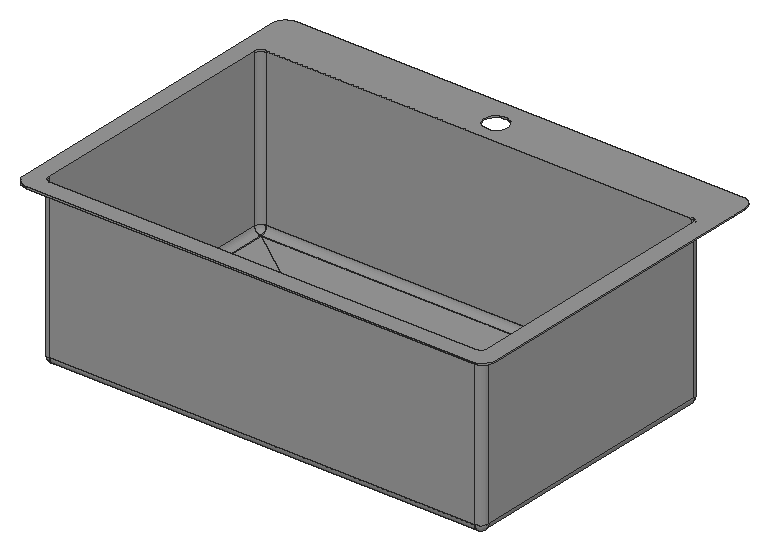
Revit family "BUILDMAT-TLAN005-Noah-700-Tap-Landing-Stainless-Steel", category Plumbing Fixtures, host Face, Revit 2020
Family settings
  Host = Face
  Round Connector Dimension = Use Diameter
  Part Type = Normal
  Cut with Voids When Loaded = No
  Shared = No
  Room Calculation Point = No
Parameters (values of type "Noah 700x500x250mm")
  Width = 650.0 mm
  Undermount [instance] = 0.0 mm
  URL = "https://www.buildmat.com.au/products/noah-700-single-bowl-tap-landing-sink"
  Model = "TLAN005"  # constant formula
  Manufacturer URL = "https://www.buildmat.com.au/"
  Manufacturer = "BUILDMAT"  # constant formula
  Length = 400.0 mm
  Description = "BUILDMAT - Noah 700x500 Large Single Bowl with Tap Landing Sink"  # constant formula
  Depth = 250.0 mm
  Default Elevation = 1219.2 mm
  Created By URL = "https://www.buildmat.com.au/"
  Created By = "BUILDMAT"  # constant formula
  Created = "22.06.2022"  # constant formula
  Material = BUILDMAT Stainless Steel
Reference planes
  plane 1 "Center (Front/Back)": y = 0
  plane 2: z = 0
  plane 3 "Center (Left/Right)": x = 0
  plane 4 "Top Substrate": z = 0
  plane 5 "Left": x = -325
  plane 6 "Right": x = 325
  plane 7 "Back": y = 200
  plane 8 "Front": y = -200
  plane 9: x = -350
  plane 10: x = 350
  plane 11: y = -225
  plane 12: y = 275
  plane 13 "Bottom Void": z = -250
  plane 14: z = 1.5
  plane 15: x = -326.5
  plane 16: y = -201.5
  plane 17: x = 326.5
  plane 18: y = 201.5
  plane 19: z = -240
  plane 20: z = -230
  plane 21: x = -315
  plane 22: x = 315
  plane 23: y = -190
  plane 24: y = 190
  plane 25: z = -245
  plane 26: z = -241.5
  plane 27: z = -246.5
  plane 28: x = -100
  plane 29: x = 100
  plane 30 "Sound Pad": z = -130
  plane 31 "Front Bracket": y = -100
  plane 32 "Back Bracket": y = 100
  plane 33: x = -225
  plane 34: x = 225
  plane 35: x = -57
  plane 36: x = 57
  plane 37: x = -45
  plane 38: x = 45
  plane 39: y = 232
  plane 40: y = 251.5
  plane 41: x = -338.2
  plane 42: z = -15
  plane 43: x = 338.2
  plane 44: x = -336.7
  plane 45: x = 336.7
Forms (mm)
  Extrusion 1, void
    sketch origin (0, 0, 0) x (1, 0, 0) y (0, 1, 0)
      loop
        arc (-315, 200) -> (-322.071, 197.071) -> (-325, 190) r 10
        line (-325, 190) -> (-325, -190)
        arc (-325, -190) -> (-322.071, -197.071) -> (-315, -200) r 10
        line (-315, -200) -> (315, -200)
        arc (315, -200) -> (322.071, -197.071) -> (325, -190) r 10
        line (325, -190) -> (325, 190)
        arc (325, 190) -> (322.071, 197.071) -> (315, 200) r 10
        line (315, 200) -> (-315, 200)
    from 0 to 1.5
  Extrusion 2, void
    sketch origin (0, 0, 0) x (1, 0, 0) y (0, 1, 0)
      loop
        line (-326.5, 201.5) -> (-326.5, -201.5) -> (326.5, -201.5) -> (326.5, 201.5) -> (-326.5, 201.5)
    from 0 to -250
  Extrusion 3, void
    sketch origin (0, 0, 0) x (1, 0, 0) y (0, 1, 0)
      loop
        arc (-330, 275) -> (-344.142, 269.142) -> (-350, 255) r 20
        line (-350, 255) -> (-350, -205)
        arc (-350, -205) -> (-344.142, -219.142) -> (-330, -225) r 20
        line (-330, -225) -> (330, -225)
        arc (330, -225) -> (344.142, -219.142) -> (350, -205) r 20
        line (350, -205) -> (350, 255)
        arc (350, 255) -> (344.142, 269.142) -> (330, 275) r 20
        line (330, 275) -> (-330, 275)
    from 1.5 to 0
  Extrusion 4, solid, material "BUILDMAT Stainless Steel" <- "Material"
    sketch origin (0, 0, 0) x (-1, 0, 0) y (0, -1, 0)
      loop
        arc (330, -275) -> (344.142, -269.142) -> (350, -255) r 20
        line (350, -255) -> (350, 205)
        arc (350, 205) -> (344.142, 219.142) -> (330, 225) r 20
        line (330, 225) -> (-330, 225)
        arc (-330, 225) -> (-344.142, 219.142) -> (-350, 205) r 20
        line (-350, 205) -> (-350, -255)
        arc (-350, -255) -> (-344.142, -269.142) -> (-330, -275) r 20
        line (-330, -275) -> (330, -275)
      loop
        arc (315, -200) -> (322.071, -197.071) -> (325, -190) r 10
        line (325, -190) -> (325, 190)
        arc (325, 190) -> (322.071, 197.071) -> (315, 200) r 10
        line (315, 200) -> (-315, 200)
        arc (-315, 200) -> (-322.071, 197.071) -> (-325, 190) r 10
        line (-325, 190) -> (-325, -190)
        arc (-325, -190) -> (-322.071, -197.071) -> (-315, -200) r 10
        line (-315, -200) -> (315, -200)
    from 0 to 1.5
  Extrusion 5, solid, material "BUILDMAT Stainless Steel" <- "Material"
    sketch origin (0, 0, 0) x (-1, 0, 0) y (0, -1, 0)
      loop
        arc (315, -201.5) -> (323.132, -198.132) -> (326.5, -190) r 11.5
        line (326.5, -190) -> (326.5, 190)
        arc (326.5, 190) -> (323.132, 198.132) -> (315, 201.5) r 11.5
        line (315, 201.5) -> (-315, 201.5)
        arc (-315, 201.5) -> (-323.132, 198.132) -> (-326.5, 190) r 11.5
        line (-326.5, 190) -> (-326.5, -190)
        arc (-326.5, -190) -> (-323.132, -198.132) -> (-315, -201.5) r 11.5
        line (-315, -201.5) -> (315, -201.5)
      loop
        arc (-315, 200) -> (-322.071, 197.071) -> (-325, 190) r 10
        line (-325, 190) -> (-325, -190)
        arc (-325, -190) -> (-322.071, -197.071) -> (-315, -200) r 10
        line (-315, -200) -> (315, -200)
        arc (315, -200) -> (322.071, -197.071) -> (325, -190) r 10
        line (325, -190) -> (325, 190)
        arc (325, 190) -> (322.071, 197.071) -> (315, 200) r 10
        line (315, 200) -> (-315, 200)
    from 0 to -230
  Revolve 6, solid, material "BUILDMAT Stainless Steel" <- "Material"
    sketch origin (-175.162, 190, 1219.2) x (-1, 0, 0) y (0, 0, 1)
      loop
        line (-500.162, -1449.2) -> (-501.662, -1449.2)
        arc (-501.662, -1449.2) -> (-498.293, -1457.332) -> (-490.162, -1460.7) r 11.5
        line (-490.162, -1460.7) -> (-490.162, -1459.2)
        arc (-490.162, -1459.2) -> (-497.233, -1456.271) -> (-500.162, -1449.2) r 10
      axis (-490.162, -1460.7) -> (-490.162, -1449.2)
    angle from 0 to -90
  Revolve 7, solid, material "BUILDMAT Stainless Steel" <- "Material"
    sketch origin (-175.162, 190, 1219.2) x (-1, 0, 0) y (0, 0, 1)
      loop
        arc (149.838, -1449.2) -> (146.909, -1456.271) -> (139.838, -1459.2) r 10
        line (139.838, -1459.2) -> (139.838, -1460.7)
        arc (139.838, -1460.7) -> (147.97, -1457.332) -> (151.338, -1449.2) r 11.5
        line (151.338, -1449.2) -> (149.838, -1449.2)
      axis (139.838, -1449.2) -> (139.838, -1460.7)
    angle from 0 to -90
  Revolve 8, solid, material "BUILDMAT Stainless Steel" <- "Material"
    sketch origin (-175.162, -190, 1219.2) x (-1, 0, 0) y (0, 0, 1)
      loop
        arc (149.838, -1449.2) -> (146.909, -1456.271) -> (139.838, -1459.2) r 10
        line (139.838, -1459.2) -> (139.838, -1460.7)
        arc (139.838, -1460.7) -> (147.97, -1457.332) -> (151.338, -1449.2) r 11.5
        line (151.338, -1449.2) -> (149.838, -1449.2)
      axis (139.838, -1449.2) -> (139.838, -1460.7)
    angle from 0 to 90
  Revolve 9, solid, material "BUILDMAT Stainless Steel" <- "Material"
    sketch origin (-175.162, -190, 1219.2) x (-1, 0, 0) y (0, 0, 1)
      loop
        line (-500.162, -1449.2) -> (-501.662, -1449.2)
        arc (-501.662, -1449.2) -> (-498.293, -1457.332) -> (-490.162, -1460.7) r 11.5
        line (-490.162, -1460.7) -> (-490.162, -1459.2)
        arc (-490.162, -1459.2) -> (-497.233, -1456.271) -> (-500.162, -1449.2) r 10
      axis (-490.162, -1449.2) -> (-490.162, -1460.7)
    angle from 0 to 90
  Extrusion 10, solid, material "BUILDMAT Stainless Steel" <- "Material"
    sketch origin (0, 0, 0) x (1, 0, 0) y (0, 0, 1)
      loop
        line (-325, -230) -> (-326.5, -230)
        arc (-326.5, -230) -> (-323.132, -238.132) -> (-315, -241.5) r 11.5
        line (-315, -241.5) -> (-315, -240)
        arc (-315, -240) -> (-322.071, -237.071) -> (-325, -230) r 10
    from -190 to 190
  Extrusion 11, solid, material "BUILDMAT Stainless Steel" <- "Material"
    sketch origin (0, 0, 0) x (1, 0, 0) y (0, 0, 1)
      loop
        arc (325, -230) -> (322.071, -237.071) -> (315, -240) r 10
        line (315, -240) -> (315, -241.5)
        arc (315, -241.5) -> (323.132, -238.132) -> (326.5, -230) r 11.5
        line (326.5, -230) -> (325, -230)
    from -190 to 190
  Extrusion 12, solid, material "BUILDMAT Stainless Steel" <- "Material"
    sketch origin (0, 0, 0) x (0, 1, 0) y (0, 0, 1)
      loop
        arc (200, -230) -> (197.071, -237.071) -> (190, -240) r 10
        line (190, -240) -> (190, -241.5)
        arc (190, -241.5) -> (198.132, -238.132) -> (201.5, -230) r 11.5
        line (201.5, -230) -> (200, -230)
    from -315 to 315
  Extrusion 13, solid, material "BUILDMAT Stainless Steel" <- "Material"
    sketch origin (0, 0, 0) x (0, 1, 0) y (0, 0, 1)
      loop
        line (-200, -230) -> (-201.5, -230)
        arc (-201.5, -230) -> (-198.132, -238.132) -> (-190, -241.5) r 11.5
        line (-190, -241.5) -> (-190, -240)
        arc (-190, -240) -> (-197.071, -237.071) -> (-200, -230) r 10
    from -315 to 315
  Revolve 14, solid, material "BUILDMAT Stainless Steel" <- "Material"
    sketch origin (0, 0, 0) x (1, 0, 0) y (0, 0, 1)
      loop
        line (-45, -250) -> (-45, -248.5)
        spline (-45, -248.5) -> (-46.484, -248.459) -> (-47.939, -248.339) -> (-49.337, -248.141) -> (-50.649, -247.871) -> (-51.848, -247.537) -> (-52.908, -247.151) -> (-53.805, -246.726) -> (-54.514, -246.283) -> (-55.023, -245.856) -> (-55.329, -245.483) -> (-55.468, -245.202) -> (-55.5, -245)
        line (-55.5, -245) -> (-57, -245)
        spline (-57, -245) -> (-56.897, -245.653) -> (-56.591, -246.294) -> (-56.087, -246.913) -> (-55.392, -247.5) -> (-54.52, -248.044) -> (-53.485, -248.536) -> (-52.305, -248.967) -> (-51, -249.33) -> (-49.592, -249.619) -> (-48.106, -249.83) -> (-46.566, -249.957) -> (-45, -250)
      axis (0, -245) -> (0, -250)
    angle from 0 to 360
  Blend 15, solid, material "BUILDMAT Stainless Steel" <- "Material"
    base sketch origin (0, 0, 0) x (-1, 0, 0) y (0, -1, 0)
      loop
        circle (0, 0) r 57
    top sketch origin (0, 0, 0) x (-1, 0, 0) y (0, -1, 0)
      loop
        line (315, -190) -> (315, 190) -> (-315, 190) -> (-315, -190) -> (315, -190)
    from -246.5 to -241.5
  Blend 16, void
    base sketch origin (0, 0, 0) x (-1, 0, 0) y (0, -1, 0)
      loop
        circle (0, 0) r 57
    top sketch origin (0, 0, 0) x (-1, 0, 0) y (0, -1, 0)
      loop
        line (315, -190) -> (315, 190) -> (-315, 190) -> (-315, -190) -> (315, -190)
    from -245 to -240
  Extrusion 17, solid, material "BUILDMAT Stainless Steel" <- "Material"
    sketch origin (0, 0, 0) x (-1, 0, 0) y (0, -1, 0)
      loop
        line (315, -190) -> (315, 190) -> (-315, 190) -> (-315, -190) -> (315, -190)
    from -241.5 to -240
  Extrusion 18, void
    sketch origin (0, 0, 0) x (-1, 0, 0) y (0, -1, 0)
      loop
        circle (0, 0) r 57
    from -250 to -230
  Extrusion 19, void
    sketch origin (0, 0, 0) x (-1, 0, 0) y (0, -1, 0)
      loop
        circle (0, -232) r 17.5
    from 0 to 100
Cuts and joins
  Extrusion 19 cuts Extrusion 4
  Extrusion 19 cuts Extrusion 5
  joined: Extrusion 4, Extrusion 5
  joined: Revolve 6, Revolve 9
  joined: Revolve 7, Revolve 8
  Blend 16, Extrusion 18 cuts Blend 15
  Blend 16, Extrusion 18 cuts Extrusion 17
  joined: Blend 15, Extrusion 17
Lines and regions (mm)
  Masking region 1
    outline origin (0, 0, 0) x (1, 0, 0) y (0, 0, 1)
      loop
        line (325, 0) -> (-325, 0) -> (-325, -230)
        arc (-325, -230) -> (-322.071, -237.071) -> (-315, -240) r 10
        line (-315, -240) -> (-57, -245) -> (57, -245) -> (315, -240)
        arc (315, -240) -> (322.071, -237.071) -> (325, -230) r 10
        line (325, -230) -> (325, 0)
  Masking region 2
    outline origin (0, 0, 0) x (1, 0, 0) y (0, 0, 1)
      loop
        line (-100, -245.667) -> (-100, -250) -> (-57, -250) -> (-57, -246.5) -> (-100, -245.667)
  Masking region 3
    outline origin (0, 0, 0) x (1, 0, 0) y (0, 0, 1)
      loop
        line (57, -246.5) -> (57, -250) -> (100, -250) -> (100, -245.667) -> (57, -246.5)
  Masking region 4
    outline origin (0, 0, 0) x (1, 0, 0) y (0, 0, 1)
      loop
        line (-338.2, 0) -> (-338.2, -15) -> (-336.7, -15) -> (-336.7, 0) -> (-338.2, 0)
  Masking region 5
    outline origin (0, 0, 0) x (1, 0, 0) y (0, 0, 1)
      loop
        line (336.7, 0) -> (336.7, -15) -> (338.2, -15) -> (338.2, 0) -> (336.7, 0)
Text (mm)
  text "Refer to www.buildmat.com.au for the most current product literature. \nAllow a +/- 5mm tolerance for dimensions shown in the product literature. \nPlease note product details are subject to change due to ongoing product development." at (0.056, -1035.857, 0), in view "Ref. Level"
Dimensions and locks
  "Undermount": plane 2 to plane 4 "Top Substrate"
  equal spacing: plane 5 "Left", plane 3 "Center (Left/Right)", plane 6 "Right"
  "Width": plane 5 "Left" to plane 6 "Right"
  "Length": plane 7 "Back" to plane 8 "Front"
  equal spacing: plane 7 "Back", plane 1 "Center (Front/Back)", plane 8 "Front"
  locked: plane 12 to plane 7 "Back" at 75
  locked: plane 8 "Front" to plane 11 at 25
  locked: plane 9 to plane 5 "Left" at 25
  locked: plane 6 "Right" to plane 10 at 25
  "Depth": plane 4 "Top Substrate" to plane 13 "Bottom Void"
  locked: plane 14 to plane 4 "Top Substrate" at 1.5
  locked: plane 18 to plane 7 "Back" at 1.5
  locked: plane 8 "Front" to plane 16 at 1.5
  plane 15 to plane 5 "Left" = 1.5 mm
  plane 6 "Right" to plane 17 = 1.5 mm
  plane 20 to plane 19 to plane 13 "Bottom Void" = 10.0 mm, 10.0 mm
  locked: plane 5 "Left" to plane 21 at 10
  locked: plane 22 to plane 6 "Right" at 10
  locked: plane 7 "Back" to plane 24 at 10
  locked: plane 23 to plane 8 "Front" at 10
  locked: plane 19 to plane 26 at 1.5
  locked: plane 25 to plane 13 "Bottom Void" at 5
  locked: plane 25 to plane 27 at 1.5
  plane 29 to plane 3 "Center (Left/Right)" to plane 28 = 100.0 mm locked, 100.0 mm locked
  locked: plane 30 "Sound Pad" to plane 13 "Bottom Void" at 120
  locked: plane 7 "Back" to plane 32 "Back Bracket" at 100
  locked: plane 31 "Front Bracket" to plane 8 "Front" at 100
  locked: plane 33 to plane 5 "Left" at 100
  locked: plane 6 "Right" to plane 34 at 100
  plane 37 to plane 3 "Center (Left/Right)" to plane 38 = 45.0 mm locked, 45.0 mm locked
  plane 35 to plane 3 "Center (Left/Right)" to plane 36 = 57.0 mm locked, 57.0 mm locked
  locked: plane 12 to plane 39 at 43
  locked: plane 40 to plane 18 at 50
  plane 44 to plane 41 to plane 9 = 1.5 mm locked, 11.8 mm locked
  plane 10 to plane 43 to plane 45 = 11.8 mm locked, 1.5 mm locked
  locked: plane 4 "Top Substrate" to plane 42 at 15
  aligned and locked: plane 2 to host face
  aligned and locked: level to host face
  aligned and locked: plane 8 "Front" to Extrusion 1 sketch curve
  aligned and locked: Extrusion 1 sketch curve to plane 7 "Back"
  aligned and locked: plane 5 "Left" to Extrusion 1 sketch curve
  aligned and locked: Extrusion 1 sketch curve to plane 6 "Right"
  aligned and locked: plane 2 to Extrusion 1
  aligned and locked: plane 14 to Extrusion 1
  aligned and locked: Extrusion 2 sketch curve to plane 16
  aligned and locked: Extrusion 2 sketch curve to plane 18
  aligned and locked: plane 15 to Extrusion 2 sketch curve
  aligned and locked: plane 17 to Extrusion 2 sketch curve
  aligned and locked: Extrusion 2 to plane 13 "Bottom Void"
  aligned and locked: plane 4 "Top Substrate" to Extrusion 2
  aligned and locked: Extrusion 3 sketch curve to plane 11
  aligned and locked: plane 9 to Extrusion 3 sketch curve
  aligned and locked: Extrusion 3 sketch curve to plane 10
  aligned and locked: Extrusion 3 sketch curve to plane 12
  aligned and locked: Extrusion 3 to plane 4 "Top Substrate"
  aligned and locked: Extrusion 3 to plane 14
  aligned and locked: Extrusion 4 sketch curve to plane 11
  aligned and locked: Extrusion 4 sketch curve to plane 12
  aligned and locked: plane 9 to Extrusion 4 sketch curve
  aligned and locked: Extrusion 4 sketch curve to plane 10
  aligned and locked: plane 5 "Left" to Extrusion 4 sketch curve
  aligned and locked: Extrusion 4 sketch curve to plane 6 "Right"
  aligned and locked: Extrusion 4 sketch curve to plane 7 "Back"
  aligned and locked: plane 8 "Front" to Extrusion 4 sketch curve
  aligned and locked: Extrusion 5 sketch curve to plane 7 "Back"
  aligned and locked: plane 5 "Left" to Extrusion 5 sketch curve
  aligned and locked: Extrusion 5 sketch curve to plane 6 "Right"
  aligned and locked: plane 8 "Front" to Extrusion 5 sketch curve
  aligned and locked: plane 15 to Extrusion 5 sketch curve
  aligned and locked: Extrusion 5 sketch curve to plane 16
  aligned and locked: plane 17 to Extrusion 5 sketch curve
  aligned and locked: Extrusion 5 sketch curve to plane 18
  aligned and locked: Extrusion 5 to plane 20
  aligned and locked: plane 4 "Top Substrate" to Extrusion 5
  aligned and locked: Extrusion 11 to plane 23
  aligned and locked: plane 24 to Extrusion 11
  aligned and locked: plane 24 to Extrusion 10
  aligned and locked: Extrusion 10 to plane 23
  aligned and locked: Extrusion 13 to plane 21
  aligned and locked: plane 22 to Extrusion 13
  aligned and locked: plane 22 to Extrusion 12
  aligned and locked: Extrusion 12 to plane 21
  aligned and locked: plane 21 to Blend 15 sketch curve
  aligned and locked: Blend 15 sketch curve to plane 22
  aligned and locked: Blend 15 sketch curve to plane 23
  aligned and locked: Blend 15 sketch curve to plane 24
  aligned and locked: plane 27 to Blend 15
  aligned and locked: Blend 15 to plane 26
  aligned and locked: Blend 16 sketch curve to plane 24
  aligned and locked: plane 21 to Blend 16 sketch curve
  aligned and locked: Blend 16 sketch curve to plane 22
  aligned and locked: Blend 16 sketch curve to plane 23
  aligned and locked: Blend 16 to plane 25
  aligned and locked: Blend 16 to plane 19
  aligned and locked: Extrusion 17 sketch curve to plane 24
  aligned and locked: Extrusion 17 sketch curve to plane 23
  aligned and locked: plane 21 to Extrusion 17 sketch curve
  aligned and locked: Extrusion 17 sketch curve to plane 22
  aligned and locked: Extrusion 17 to plane 26
  aligned and locked: Extrusion 17 to plane 19
  aligned and locked: Extrusion 18 to plane 13 "Bottom Void"
  aligned and locked: plane 20 to Extrusion 18
  aligned and locked: cut or joined group of Blend 15, Blend 16, Extrusion 17, Extrusion 18 to Masking region 2 sketch curve
  aligned and locked: Masking region 3 sketch curve to cut or joined group of Blend 15, Blend 16, Extrusion 17, Extrusion 18
  aligned and locked: plane 3 "Center (Left/Right)" to nested 1
  aligned and locked: nested 1 to plane 30 "Sound Pad"
  aligned and locked: plane 31 "Front Bracket" to nested 3
  aligned and locked: plane 15 to nested 3
  aligned and locked: plane 31 "Front Bracket" to nested 5
  aligned and locked: plane 17 to nested 5
  aligned and locked: plane 32 "Back Bracket" to nested 4
  aligned and locked: plane 17 to nested 4
  aligned and locked: plane 32 "Back Bracket" to nested 2
  aligned and locked: plane 15 to nested 2
  aligned and locked: nested 6 to plane 4 "Top Substrate"
  aligned and locked: nested 6 to plane 33
  aligned and locked: nested 7 to plane 4 "Top Substrate"
  aligned and locked: nested 7 to plane 34
  aligned and locked: nested 10 to plane 33
  aligned and locked: nested 11 to plane 34
  aligned and locked: plane 16 to nested 10
  aligned and locked: nested 11 to plane 16
  aligned and locked: plane 33 to nested 8
  aligned and locked: plane 34 to nested 9
  aligned and locked: nested 12 to plane 23
  aligned and locked: nested 12 to plane 24
  aligned and locked: plane 22 to nested 12
  aligned and locked: plane 21 to nested 12
  aligned and locked: plane 3 "Center (Left/Right)" to nested 13
  aligned and locked: plane 1 "Center (Front/Back)" to nested 13
  aligned and locked: plane 4 "Top Substrate" to Masking region 1
  aligned and locked: nested 9 to plane 40
  aligned and locked: nested 8 to plane 40
  aligned and locked: Extrusion 19 to plane 4 "Top Substrate"
  aligned and locked: Masking region 4 sketch curve to plane 4 "Top Substrate"
  aligned and locked: Masking region 4 sketch curve to plane 42
  aligned and locked: Masking region 4 sketch curve to plane 41
  aligned and locked: Masking region 4 sketch curve to plane 44
  aligned and locked: Masking region 5 sketch curve to plane 4 "Top Substrate"
  aligned and locked: plane 42 to Masking region 5 sketch curve
  aligned and locked: Masking region 5 sketch curve to plane 43
  aligned and locked: Masking region 5 sketch curve to plane 45
Automatic sketch dimensions
  host sketch curve to host sketch curve = 2438.4 mm  (x2)
  plane 5 "Left" to Extrusion 1 sketch curve = 10.0 mm  (x2)
  Extrusion 1 sketch curve to plane 6 "Right" = 10.0 mm  (x2)
  Extrusion 4 sketch curve to plane 10 = 20.0 mm  (x2)
  Extrusion 4 sketch curve to Extrusion 4 sketch curve = 10.0 mm  (x2)
  plane 5 "Left" to Extrusion 4 sketch curve = 10.0 mm
  plane 9 to Extrusion 4 sketch curve = 20.0 mm
  plane 8 "Front" to Extrusion 4 sketch curve = 10.0 mm
  plane 11 to Extrusion 4 sketch curve = 20.0 mm
  Extrusion 3 sketch curve to plane 5 "Left" = 5.0 mm
  plane 6 "Right" to Extrusion 3 sketch curve = 5.0 mm  (x2)
  plane 7 "Back" to Extrusion 3 sketch curve = 55.0 mm
  plane 5 "Left" to Extrusion 5 sketch curve = 10.0 mm
  Extrusion 5 sketch curve to plane 6 "Right" = 10.0 mm
  plane 8 "Front" to Extrusion 5 sketch curve = 10.0 mm
  Extrusion 5 sketch curve to plane 7 "Back" = 10.0 mm
  Extrusion 5 sketch curve to Extrusion 5 sketch curve = 0.0 mm  (x4)
  Revolve 6 sketch curve to Revolve 6 sketch curve = 0.0 mm  (x3)
  plane 17 to Revolve 6 sketch curve = 0.0 mm
  Revolve 6 sketch curve to plane 6 "Right" = 0.0 mm
  Revolve 6 sketch curve to plane 22 = 0.0 mm  (x2)
  Revolve 6 sketch curve to plane 19 = 0.0 mm
  Revolve 6 sketch curve to plane 20 = 0.0 mm
  Revolve 7 sketch curve to Revolve 7 sketch curve = 0.0 mm  (x3)
  Revolve 7 sketch curve to plane 20 = 0.0 mm  (x2)
  Revolve 7 sketch curve to plane 21 = 0.0 mm  (x2)
  Revolve 7 sketch curve to plane 5 "Left" = 0.0 mm
  Revolve 7 sketch curve to plane 15 = 0.0 mm
  Revolve 8 sketch curve to Revolve 8 sketch curve = 0.0 mm  (x3)
  Revolve 8 sketch curve to plane 20 = 0.0 mm  (x2)
  Revolve 8 sketch curve to plane 21 = 0.0 mm  (x2)
  Revolve 8 sketch curve to plane 5 "Left" = 0.0 mm
  Revolve 8 sketch curve to plane 15 = 0.0 mm
  Revolve 9 sketch curve to Revolve 9 sketch curve = 0.0 mm  (x3)
  plane 17 to Revolve 9 sketch curve = 0.0 mm
  Revolve 9 sketch curve to plane 6 "Right" = 0.0 mm
  Revolve 9 sketch curve to plane 22 = 0.0 mm  (x2)
  Revolve 9 sketch curve to plane 20 = 0.0 mm
  Revolve 9 sketch curve to plane 19 = 0.0 mm
  Extrusion 10 sketch curve to plane 15 = 0.0 mm
  Extrusion 10 sketch curve to plane 5 "Left" = 0.0 mm
  Extrusion 10 sketch curve to plane 19 = 0.0 mm
  Extrusion 10 sketch curve to plane 21 = 0.0 mm
  Extrusion 11 sketch curve to plane 20 = 0.0 mm
  Extrusion 11 sketch curve to plane 22 = 0.0 mm
  Extrusion 11 sketch curve to plane 6 "Right" = 0.0 mm
  plane 17 to Extrusion 11 sketch curve = 0.0 mm
  Extrusion 12 sketch curve to plane 20 = 0.0 mm
  Extrusion 12 sketch curve to plane 24 = 0.0 mm
  Extrusion 12 sketch curve to plane 7 "Back" = 0.0 mm
  Extrusion 12 sketch curve to plane 18 = 0.0 mm
  Extrusion 13 sketch curve to plane 16 = 0.0 mm
  Extrusion 13 sketch curve to plane 8 "Front" = 0.0 mm
  Extrusion 13 sketch curve to plane 23 = 0.0 mm
  Extrusion 13 sketch curve to plane 19 = 0.0 mm
  Revolve 14 sketch curve to plane 25 = 0.0 mm
  Revolve 14 sketch curve to plane 13 "Bottom Void" = 0.0 mm  (x2)
  Revolve 14 sketch curve to plane 3 "Center (Left/Right)" = 0.0 mm
  Revolve 14 sketch curve to plane 20 = 0.0 mm
  Revolve 14 sketch curve to plane 3 "Center (Left/Right)" = 45.0 mm
  Revolve 14 sketch curve to Revolve 14 sketch curve = 10.5 mm
  Revolve 14 sketch curve to Revolve 14 sketch curve = 1.5 mm  (x2)
  Revolve 14 sketch curve to Revolve 14 sketch curve = 0.0 mm
  plane 1 "Center (Front/Back)" to Blend 15 sketch curve = 0.0 mm
  Blend 15 sketch curve to plane 3 "Center (Left/Right)" = 0.0 mm
  plane 1 "Center (Front/Back)" to Blend 16 sketch curve = 0.0 mm
  Blend 16 sketch curve to plane 3 "Center (Left/Right)" = 0.0 mm
  plane 1 "Center (Front/Back)" to Extrusion 18 sketch curve = 0.0 mm
  Extrusion 18 sketch curve to plane 3 "Center (Left/Right)" = 0.0 mm
  Masking region 1 sketch curve to level = 0.0 mm
  Masking region 1 sketch curve to plane 20 = 0.0 mm
  Masking region 1 sketch curve to plane 21 = 0.0 mm
  Masking region 1 sketch curve to plane 25 = 0.0 mm
  Masking region 1 sketch curve to plane 3 "Center (Left/Right)" = 57.0 mm
  plane 3 "Center (Left/Right)" to Masking region 1 sketch curve = 57.0 mm
  Masking region 1 sketch curve to plane 19 = 0.0 mm
  Masking region 1 sketch curve to plane 22 = 0.0 mm
  Masking region 1 sketch curve to plane 6 "Right" = 0.0 mm
  Masking region 1 sketch curve to plane 5 "Left" = 0.0 mm
  Masking region 2 sketch curve to plane 28 = 0.0 mm
  Masking region 2 sketch curve to plane 13 "Bottom Void" = 0.0 mm
  Masking region 2 sketch curve to plane 27 = 0.0 mm
  Masking region 3 sketch curve to plane 27 = 0.0 mm
  Masking region 3 sketch curve to plane 13 "Bottom Void" = 0.0 mm
  Masking region 3 sketch curve to plane 29 = 0.0 mm
  Extrusion 19 sketch curve to plane 3 "Center (Left/Right)" = 0.0 mm
  Extrusion 19 sketch curve to plane 39 = 0.0 mm
  radius of Blend 15 sketch curve = 57.0 mm
  radius of Blend 16 sketch curve = 57.0 mm
  radius of Extrusion 18 sketch curve = 57.0 mm
  radius of Extrusion 19 sketch curve = 17.5 mm
Nested families
  nested 1: "SP_Front" at (0, 0, -130) x (1, 0, 0) z (0, -1, 0), type "SP_Front", not visible
  nested 2: "TMB_Plan" at (-326.5, 100, 0) x (0, 1, 0) z (0, 0, 1), type "TMB_Plan"
  nested 3: "TMB_Plan" at (-326.5, -100, 0) x (0, 1, 0) z (0, 0, 1), type "TMB_Plan"
  nested 4: "TMB_Plan" at (326.5, 100, 0) x (0, -1, 0) z (0, 0, 1), type "TMB_Plan"
  nested 5: "TMB_Plan" at (326.5, -100, 0) x (0, -1, 0) z (0, 0, 1), type "TMB_Plan"
  nested 6: "TMB_Front" at (-225, 0, 0) x (1, 0, 0) z (0, -1, 0), type "TMB_Front"
  nested 7: "TMB_Front" at (225, 0, 0) x (1, 0, 0) z (0, -1, 0), type "TMB_Front"
  nested 8: "TMB_Plan" at (-225, 251.5, 0), type "TMB_Plan"
  nested 9: "TMB_Plan" at (225, 251.5, 0), type "TMB_Plan"
  nested 10: "TMB_Plan" at (-225, -201.5, 0) x (-1, 0, 0) z (0, 0, 1), type "TMB_Plan"
  nested 11: "TMB_Plan" at (225, -201.5, 0) x (-1, 0, 0) z (0, 0, 1), type "TMB_Plan"
  nested 12: "BOWL Plan" at (0, 0, -130), type "BOWL Plan"
    with Width 630.0 mm, Lenght 380.0 mm
  nested 13: "DRAIN" at (0, 0, 0), type "DRAIN"
Definition of nested family "SP_Front"
  Reference planes
    plane 1 "Center (Elevation)": y = 0
    plane 2: z = 0
    plane 3 "Center (Left/Right)": x = 0
  Lines and regions (mm)
    Masking region 1, in view "Ref. Level"
      outline origin (0, 0, 0) x (1, 0, 0) y (0, 1, 0)
        loop
          arc (-50, 40) -> (-57.071, 37.071) -> (-60, 30) r 10
          line (-60, 30) -> (-60, -30)
          arc (-60, -30) -> (-57.071, -37.071) -> (-50, -40) r 10
          line (-50, -40) -> (50, -40)
          arc (50, -40) -> (57.071, -37.071) -> (60, -30) r 10
          line (60, -30) -> (60, 30)
          arc (60, 30) -> (57.071, 37.071) -> (50, 40) r 10
          line (50, 40) -> (-50, 40)
    detail lines, in view "Ref. Level"
      curve 1: line (-50, 40, 0) -> (50, 40, 0)
      curve 2: line (50, -40, 0) -> (-50, -40, 0)
      curve 3: line (60, 30, 0) -> (60, -30, 0)
      curve 4: line (-60, 30, 0) -> (-60, -30, 0)
      curve 5: arc (-50, 40, 0) -> (-57.071, 37.071, 0) -> (-60, 30, 0) r 10
      curve 6: arc (-60, -30, 0) -> (-57.071, -37.071, 0) -> (-50, -40, 0) r 10
      curve 7: arc (50, -40, 0) -> (57.071, -37.071, 0) -> (60, -30, 0) r 10
      curve 8: arc (60, 30, 0) -> (57.071, 37.071, 0) -> (50, 40, 0) r 10
  Dimensions and locks
    aligned and locked: Masking region 1 sketch curve to curve 1
    aligned and locked: Masking region 1 sketch curve to curve 4
    aligned and locked: Masking region 1 sketch curve to curve 2
    aligned and locked: Masking region 1 sketch curve to curve 3
Definition of nested family "TMB_Plan"
  Reference planes
    plane 1 "Center (Front/Back)": y = 0
    plane 2: z = 0
    plane 3 "Center (Left/Right)": x = 0
  Lines and regions (mm)
    detail lines, in view "Ref. Level"
      curve 1: line (-17.5, 0, 0) -> (17.5, 0, 0)
      curve 2: line (17.5, 0, 0) -> (17.5, 5, 0)
      curve 3: line (17.5, 5, 0) -> (12.5, 5, 0)
      curve 4: line (-17.5, 0, 0) -> (-17.5, 5, 0)
      curve 5: line (-17.5, 5, 0) -> (-12.5, 5, 0)
Definition of nested family "TMB_Front"
  Reference planes
    plane 1 "Center (Elevation)": y = 0
    plane 2: z = 0
    plane 3 "Center (Left/Right)": x = 0
  Lines and regions (mm)
    Masking region 1, in view "Ref. Level"
      outline origin (0, 0, 0) x (1, 0, 0) y (0, 1, 0)
        loop
          line (-17.5, 0) -> (-17.5, -80) -> (17.5, -80) -> (17.5, 0) -> (-17.5, 0)
    detail lines, in view "Ref. Level"
      curve 1: line (-17.5, 0, 0) -> (-17.5, -80, 0)
      curve 2: line (-17.5, -80, 0) -> (17.5, -80, 0)
      curve 3: line (17.5, -80, 0) -> (17.5, 0, 0)
      curve 4: line (-12.5, -50, 0) -> (12.5, -50, 0)
      curve 5: line (-12.5, -75, 0) -> (-12.5, -50, 0)
      curve 6: line (12.5, -75, 0) -> (-12.5, -75, 0)
      curve 7: line (12.5, -50, 0) -> (12.5, -75, 0)
Definition of nested family "BOWL Plan"
  Parameters (values of type "BOWL Plan")
    Width [instance] = 600.0 mm
    Lenght [instance] = 400.0 mm
  Reference planes
    plane 1 "Center (Front/Back)": y = 0
    plane 2: z = 0
    plane 3 "Center (Left/Right)": x = 0
    plane 4 "Left": x = -300
    plane 5 "Right": x = 300
    plane 6 "Back": y = 200
    plane 7 "Front": y = -200
  Lines and regions (mm)
    Masking region 1, in view "Ref. Level"
      outline origin (0, 0, 0) x (1, 0, 0) y (0, 1, 0)
        loop
          line (-300, 200) -> (-300, -200) -> (300, -200) -> (300, 200) -> (-300, 200)
    detail lines, in view "Ref. Level"
      curve 1: line (-300, 200, 0) -> (300, -200, 0)
      curve 2: line (-300, -200, 0) -> (300, 200, 0)
  Dimensions and locks
    equal spacing: plane 6 "Back", plane 1 "Center (Front/Back)", plane 7 "Front"
    "Lenght": plane 6 "Back" to plane 7 "Front"
    equal spacing: plane 4 "Left", plane 3 "Center (Left/Right)", plane 5 "Right"
    "Width": plane 4 "Left" to plane 5 "Right"
    aligned and locked: plane 4 "Left" to Masking region 1 sketch curve
    aligned and locked: Masking region 1 sketch curve to plane 5 "Right"
    aligned and locked: plane 7 "Front" to Masking region 1 sketch curve
    aligned and locked: Masking region 1 sketch curve to plane 6 "Back"
  Automatic sketch dimensions
    curve 2 to plane 4 "Left" = 0.0 mm
    curve 1 to plane 4 "Left" = 0.0 mm
    curve 2 to plane 5 "Right" = 0.0 mm
    curve 1 to plane 5 "Right" = 0.0 mm
    curve 1 to plane 7 "Front" = 0.0 mm
    curve 2 to plane 7 "Front" = 0.0 mm
    curve 2 to plane 6 "Back" = 0.0 mm
    curve 1 to plane 6 "Back" = 0.0 mm
Definition of nested family "DRAIN"
  Reference planes
    plane 1 "Center (Front/Back)": y = 0
    plane 2: z = 0
    plane 3 "Center (Left/Right)": x = 0
  Lines and regions (mm)
    Masking region 1, in view "Ref. Level"
      outline origin (0, 0, 0) x (1, 0, 0) y (0, 1, 0)
        loop
          circle (0, 0) r 57
    detail lines, in view "Ref. Level"
      curve 1: circle (0, 0, 0) r 45 normal (0, 0, 1)
      curve 2: circle (0, 0, 0) r 55.5 normal (0, 0, 1)
